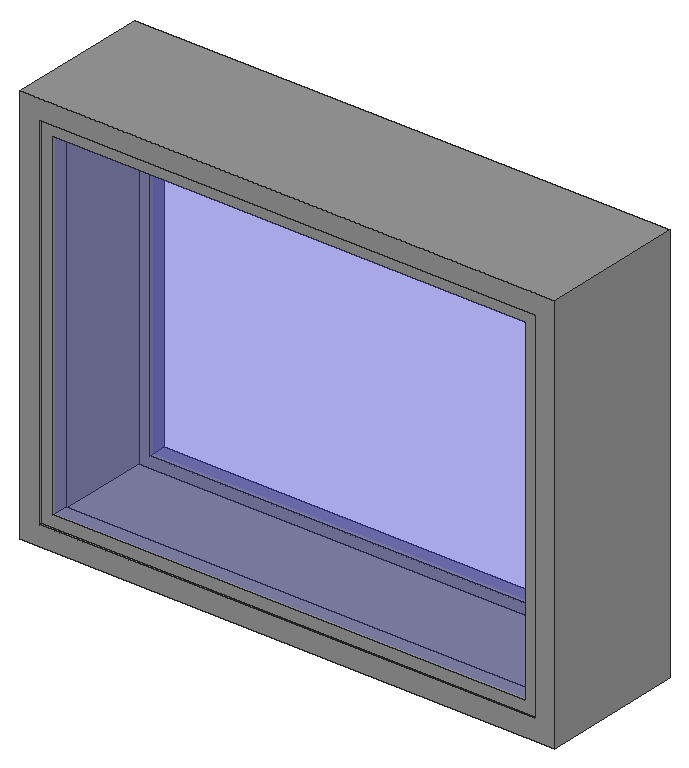
Revit family "Studio 8 Window", category Windows, host Wall, Revit 2023
Family settings
  Host = Wall
  OmniClass Number = 23.30.20.00
  OmniClass Title = Windows
  Always vertical = Yes
  Cut with Voids When Loaded = No
  Shared = No
  Room Calculation Point = No
Parameters (values of type "FLAT 48 x 36")
  a = Width - 0' 3 1/2"  # 3' - 8 1/2"
  URL = "https://www.acousticalsurfaces.com/acoustic_windows/acoustical_windows.htm"
  Type Comments = "Soundproof windows"
  Rough Width = 4' - 0 1/2"
  Rough Height = 3' - 0 1/2"
  Offset [instance] = 3' - 0"
  Manufacturer = "Acoustical Surfaces, Inc."
  Height = 3' - 0"
  Glass = Laminated Glass – Studio (4/5/6/8) Soundproof Window
  Frame Material = Aluminum – Studio (4/5/6/8) Soundproof Window
  Frame Finish = "Clear / Dark Bronze Anodized"
  Flat = not(Angled)  # yes
  Description = "Soundproof interior windows"
  Define Thermal Properties by = Schematic Type
  Default Sill Height = 2' - 7.49606"
  Wall Closure = By host
  Width = 4' - 0"
  Assembly Code = "C1030"
  Angled = no
  Analytic Construction = "<None>"
Types (4): name | a | Rough Width | Offset | Flat | Width | Angled
  FLAT 48 x 36 | 3' - 8 1/2" | 4' - 0 1/2" | 3' - 0" | yes | 4' - 0" | no
  FLAT 72 x 36 | 5' - 8 1/2" | 6' - 0 1/2" | 2' - 0" | yes | 6' - 0" | no
  ANGLED 72 x 36 | 5' - 8 1/2" | 6' - 0 1/2" | 2' - 0" | yes | 6' - 0" | no
  ANGLED 48 x 36 | 3' - 8 1/2" | 4' - 0 1/2" | 1' - 11 1/16" | no | 4' - 0" | yes
Reference planes (in)
  plane 1 "Center (Front/Back)": y = 0
  plane 2 "Center (Left/Right)": x = 0
  plane 3 "Left": x = -24
  plane 4 "Right": x = 24
  plane 5 "Sill": z = 31.49606
  plane 6 "Head": z = 67.49606
  plane 7 "Exterior": y = 12
  plane 8 "Interior": y = -12
Lines and regions (in)
  Opening 1
    outline origin (137.79528, -12, 0) x (1, 0, 0) y (0, 0, 1)
      loop
        line (-113.79528, 31.49606) -> (-113.79528, 67.49606) -> (-161.79528, 67.49606) -> (-161.79528, 31.49606) -> (-113.79528, 31.49606)
Text (in)
  text "EXTERIOR" at (-77.29147, 52.45485, 0), in view "Ref. Level"
  text "INTERIOR" at (-78.01048, -32.21994, 0), in view "Ref. Level"
  text "Exterior" at (0, 36.36817, 115.8778), in view "Right"
  text "Exterior" at (0, 40.96394, 105.72475), in view "Left"
Dimensions and locks (in)
  equal spacing: plane 3 "Left", plane 2 "Center (Left/Right)", plane 4 "Right"
  "Width": plane 3 "Left" to plane 4 "Right"
  "Height": plane 5 "Sill" to plane 6 "Head"
  "Default Sill Height": plane 5 "Sill" to level
  locked: plane 7 "Exterior" to host wall
  locked: plane 8 "Interior" to host wall
  locked: plane 5 "Sill" to nested 1
  "Offset": host wall to nested 1
  locked: plane 5 "Sill" to nested 2
  "Offset": host wall to nested 2
Automatic sketch dimensions
  Opening 1 sketch curve to plane 3 "Left" = 0' - 0"
  Opening 1 sketch curve to plane 4 "Right" = 0' - 0"
  Opening 1 sketch curve to plane 5 "Sill" = 0' - 0"
  Opening 1 sketch curve to plane 6 "Head" = 0' - 0"
Nested families (in)
  nested 1: "Flat" at (0, -30.4375, 31.49606), visible <- "Flat", type "Flat"
  nested 2: "Angled" at (0, -30.4375, 31.49606), visible <- "Angled", type "Angled"
Definition of nested family "Flat"
  Parameters (values of type "Family1")
    Width = 4' - 0"
    Thickness = 1' - 0 7/8"
    Offset = 0' - 2 1/4"
    Glass = none
    Frame = none
    Default Elevation = 0' - 0"
  Reference planes (in)
    plane 1 "Center (Front/Back)": y = 0
    plane 2: z = 0
    plane 3 "Center (Left/Right)": x = 0
    plane 4: z = 36
    plane 5: x = -24
    plane 6: x = 24
    plane 7: z = 33.75
    plane 8: z = 2.25
    plane 9: x = -21.75
    plane 10: x = 21.75
  Forms (in)
    Sweep 1, solid, material <- "Frame"
      path origin (0, 0, 0) x (1, 0, 0) y (0, 0, 1)
        loop
          line (24, 36) -> (-24, 36) -> (-24, 0) -> (24, 0) -> (24, 36)
      profile origin (0, 0, 36) x (0, 0, -1) y (0, -1, 0)
        loop
          line (0, 6.4375) -> (0, -6.4375) -> (1.74865, -6.4375) -> (1.74865, -6.22524) -> (2.74869, -6.22524) -> (2.74869, -4.68518) -> (1.74865, -4.68518) -> (1.74865, 4.68518) -> (2.74869, 4.68518) -> (2.74869, 6.22524) -> (1.74865, 6.22524) -> (1.74865, 6.4375) -> (0, 6.4375)
    Extrusion 2, solid, material <- "Glass"
      sketch origin (0, 0, 0) x (0, 1, 0) y (0, 0, 1)
        loop
          line (5.43521, 33.75) -> (5.0552, 33.75) -> (5.0552, 2.25) -> (5.43521, 2.25) -> (5.43521, 33.75)
        loop
          line (-5.0052, 2.25) -> (-5.0052, 33.75) -> (-5.94523, 33.75) -> (-5.94523, 2.25) -> (-5.0052, 2.25)
      from -21.75 to 21.75
  Dimensions and locks (in)
    plane 4 to level = 3' - 0"
    equal spacing: plane 6, plane 3 "Center (Left/Right)", plane 5
    "Width": plane 6 to plane 5
    equal spacing: Sweep 1 sketch curve, profile plane, Sweep 1 sketch curve
    "Thickness": Sweep 1 sketch curve to Sweep 1 sketch curve
    "Offset": plane 4 to plane 7
    "Offset": plane 8 to level
    "Offset": plane 9 to plane 5
    "Offset": plane 10 to plane 6
    aligned and locked: level to plane 2
    aligned and locked: Sweep 1 sketch curve to plane 5
    aligned and locked: plane 6 to Sweep 1 sketch curve
    aligned and locked: plane 4 to Sweep 1 sketch curve  (x2)
    aligned and locked: Sweep 1 sketch curve to level
    aligned and locked: Extrusion 2 sketch curve to plane 7
    aligned and locked: plane 7 to Extrusion 2 sketch curve
    aligned and locked: Extrusion 2 sketch curve to plane 8
    aligned and locked: plane 8 to Extrusion 2 sketch curve
    aligned and locked: Extrusion 2 to plane 9
    aligned and locked: Extrusion 2 to plane 10
  Automatic sketch dimensions
    plane 1 "Center (Front/Back)" to Extrusion 2 sketch curve = 0' - 5.94523"
    Extrusion 2 sketch curve to Extrusion 2 sketch curve = 0' - 0.94004"
    Extrusion 2 sketch curve to plane 1 "Center (Front/Back)" = 0' - 5.0552"
    Extrusion 2 sketch curve to Extrusion 2 sketch curve = 0' - 0.38001"
    Sweep 1 sketch curve to profile plane = 0' - 1.74865"  (x2)
    Sweep 1 sketch curve to Sweep 1 sketch curve = 0' - 0"
    Sweep 1 sketch curve to Sweep 1 sketch curve = 0' - 1.00004"  (x2)
    Sweep 1 sketch curve to Sweep 1 sketch curve = 0' - 0.21226"  (x2)
    Sweep 1 sketch curve to Sweep 1 sketch curve = 0' - 1.54006"
    Sweep 1 sketch curve to Sweep 1 sketch curve = 0' - 1.75232"
Definition of nested family "Angled"
  Parameters (values of type "Family1")
    Width = 4' - 0"
    Thickness = 1' - 0 7/8"
    Offset = 0' - 2 1/4"
    Glass = none
    Frame = none
    Default Elevation = 0' - 0"
  Reference planes (in)
    plane 1 "Center (Front/Back)": y = 0
    plane 2: z = 0
    plane 3 "Center (Left/Right)": x = 0
    plane 4: z = 36
    plane 5: x = -24
    plane 6: x = 24
    plane 7: z = 33.75
    plane 8: z = 2.25
    plane 9: x = -21.75
    plane 10: x = 21.75
  Forms (in)
    Sweep 1, solid
      path origin (0, 0, 0) x (1, 0, 0) y (0, 0, 1)
        loop
          line (24, 36) -> (-24, 36) -> (-24, 0) -> (24, 0) -> (24, 36)
      profile origin (0, 0, 36) x (0, 0, -1) y (0, -1, 0)
        loop
          line (0, 6.4375) -> (0, -6.4375) -> (1.74865, -6.4375) -> (1.74865, -6.22524) -> (2.74869, -6.22524) -> (2.74869, -4.68518) -> (1.74865, -4.68518) -> (1.74865, 6.4375) -> (0, 6.4375)
    Extrusion 2, solid, material <- "Glass"
      sketch origin (0, 0, 0) x (0, 1, 0) y (0, 0, 1)
        loop
          line (5.43521, 33.75) -> (5.0552, 33.75) -> (5.0552, 2.25) -> (5.43521, 2.25) -> (5.43521, 33.75)
        loop
          line (-5.00794, 2.25) -> (-1.86698, 33.75) -> (-2.803, 33.75) -> (-5.94496, 2.25) -> (-5.00794, 2.25)
      from -21.75 to 21.75
    Extrusion 3, solid
      sketch origin (0, 0, 0) x (0, 1, 0) y (0, 0, 1)
        loop
          line (-1.58282, 34.25135) -> (-3.12288, 34.25135) -> (-3.12288, 33.24131) -> (-1.58282, 33.24131) -> (-1.58282, 34.25135)
        loop
          line (-4.67294, 2.75011) -> (-6.223, 2.75011) -> (-6.223, 1.74865) -> (-4.67294, 1.74865) -> (-4.67294, 2.75011)
      from -24 to 24
  Cuts and joins
    joined: Sweep 1, Extrusion 3
  Dimensions and locks (in)
    plane 4 to level = 3' - 0"
    equal spacing: plane 6, plane 3 "Center (Left/Right)", plane 5
    "Width": plane 6 to plane 5
    equal spacing: Sweep 1 sketch curve, profile plane, Sweep 1 sketch curve
    "Thickness": Sweep 1 sketch curve to Sweep 1 sketch curve
    "Offset": plane 4 to plane 7
    "Offset": plane 8 to level
    "Offset": plane 9 to plane 5
    "Offset": plane 10 to plane 6
    aligned and locked: level to plane 2
    aligned and locked: Sweep 1 sketch curve to plane 5
    aligned and locked: plane 6 to Sweep 1 sketch curve
    aligned and locked: plane 4 to Sweep 1 sketch curve  (x2)
    aligned and locked: Sweep 1 sketch curve to level
    aligned and locked: Extrusion 2 sketch curve to plane 7
    aligned and locked: plane 7 to Extrusion 2 sketch curve
    aligned and locked: Extrusion 2 sketch curve to plane 8
    aligned and locked: plane 8 to Extrusion 2 sketch curve
    aligned and locked: Extrusion 2 to plane 9
    aligned and locked: Extrusion 2 to plane 10
    aligned and locked: Extrusion 3 to plane 5
    aligned and locked: plane 6 to Extrusion 3
  Automatic sketch dimensions
    Extrusion 2 sketch curve to plane 1 "Center (Front/Back)" = 0' - 5.0552"
    Extrusion 2 sketch curve to Extrusion 2 sketch curve = 0' - 0.38001"
    plane 1 "Center (Front/Back)" to Extrusion 2 sketch curve = 0' - 5.00794"
    plane 1 "Center (Front/Back)" to Extrusion 2 sketch curve = 0' - 1.86698"
    Extrusion 2 sketch curve to Extrusion 2 sketch curve = 0' - 0.93702"
    Extrusion 2 sketch curve to Extrusion 2 sketch curve = 0' - 0.93602"
    plane 8 to Extrusion 3 sketch curve = 0' - 0.50011"
    plane 1 "Center (Front/Back)" to Extrusion 3 sketch curve = 0' - 6.223"
    Extrusion 3 sketch curve to plane 8 = 0' - 0.50135"
    Extrusion 3 sketch curve to Extrusion 3 sketch curve = 0' - 1.55006"
    plane 7 to Extrusion 3 sketch curve = 0' - 0.50135"
    plane 1 "Center (Front/Back)" to Extrusion 3 sketch curve = 0' - 3.12288"
    Extrusion 3 sketch curve to plane 7 = 0' - 0.50869"
    Extrusion 3 sketch curve to Extrusion 3 sketch curve = 0' - 1.54006"
    Sweep 1 sketch curve to profile plane = 0' - 1.74865"  (x2)
    Sweep 1 sketch curve to Sweep 1 sketch curve = 0' - 1.00004"
    Sweep 1 sketch curve to Sweep 1 sketch curve = 0' - 0.21226"
    Sweep 1 sketch curve to Sweep 1 sketch curve = 0' - 1.54006"
